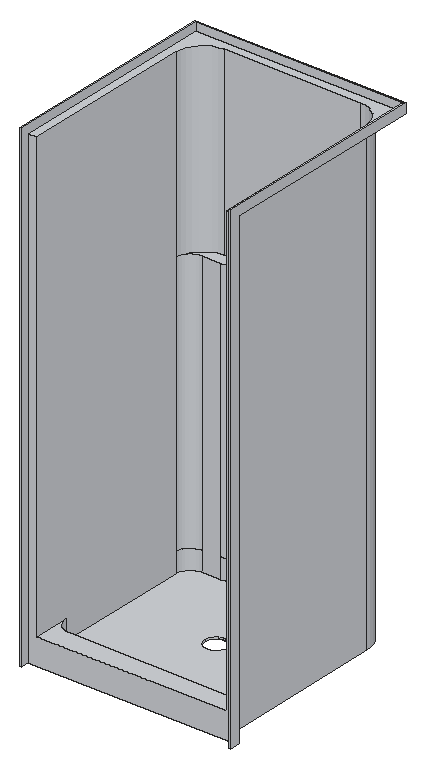
Revit family "OASIS SH-3232 STD", category Plumbing Fixtures, Revit 2017
Family settings
  Round Connector Dimension = Use Diameter
  Part Type = Normal
  OmniClass Number = 23.45.05.14.21.11
  OmniClass Title = Bath/Shower Units
  Work Plane-Based = No
  Always vertical = Yes
  Cut with Voids When Loaded = No
  Shared = No
  Room Calculation Point = No
Parameters (values of type "Base Model, 3SF, 3SM, FH, FHV packages")
  Width [instance] = 32"
  Stainless steel = none
  Model = "SH-3232 STD"
  URL = "www.oasisbath.com"
  Type Comments = "Shower"  # constant formula
  Shower Rod = no
  Seat Finish = none
  Sanitary Radius = 1 11/16"
  Sanitary Connector = "Sanitary Connection"  # constant formula
  Product Documentation Link [instance] = "www.oasisbath.com"
  Manufacturer = "OASIS"  # constant formula
  Hot Water Connector = "Hot Water Connection"  # constant formula
  Height [instance] = 72"
  Grab Bar Finish = none
  BIM Model By = "www.epoch-design.com"
  Description = ""
  Depth [instance] = 32"
  Color = none
  Cold Water Connector = "Cold Water Connection"  # constant formula
Reference planes (in)
  plane 1 "Back_Exterior": y = 0
  plane 2 "Floor": z = 0
  plane 3 "Center (Left/Right)": x = 0
Forms (in)
  Extrusion 1, solid, material <- "Color", detail levels medium+fine
    sketch origin (0, 0, 0) x (1, 0, 0) y (0, 1, 0)
      loop
        line (-16, 0) -> (-16, -33.25) -> (16, -33.25) -> (16, 0) -> (-16, 0)
    from 0 to 73.25
  Extrusion 2, void
    sketch origin (0, 0, 0) x (1, 0, 0) y (0, 1, 0)
      loop
        arc (10.375, -1.375) -> (13.3802, -2.6198) -> (14.625, -5.625) r 4.25
        line (14.625, -5.625) -> (14.625, -31.75) -> (16, -31.75) -> (16, 0) -> (-16, 0) -> (-16, -31.75) -> (-14.625, -31.75) -> (-14.625, -5.625)
        arc (-14.625, -5.625) -> (-13.3802, -2.6198) -> (-10.375, -1.375) r 4.25
        line (-10.375, -1.375) -> (10.375, -1.375)
    from 0 to 71.75128
  Extrusion 3, void
    sketch origin (0, 0, 0) x (1, 0, 0) y (0, 1, 0)
      loop
        line (10.375, -1.625) -> (-10.375, -1.625)
        arc (-10.375, -1.625) -> (-13.20343, -2.79657) -> (-14.375, -5.625) r 4
        line (-14.375, -5.625) -> (-14.375, -32) -> (14.375, -32) -> (14.375, -5.625)
        arc (14.375, -5.625) -> (13.20343, -2.79657) -> (10.375, -1.625) r 4
    from 44 to 73.25
  Extrusion 4, void
    sketch origin (0, 0, 0) x (1, 0, 0) y (0, 1, 0)
      loop
        arc (-14.375, -5.625) -> (-13.20343, -2.79657) -> (-10.375, -1.625) r 4
        line (-10.375, -1.625) -> (10.375, -1.625)
        arc (10.375, -1.625) -> (13.20343, -2.79657) -> (14.375, -5.625) r 4
        line (14.375, -5.625) -> (14.375, -33.25) -> (15.75, -33.25) -> (15.75, -0.25) -> (-15.75, -0.25) -> (-15.75, -33.25) -> (-14.375, -33.25) -> (-14.375, -5.625)
    from 72 to 73.25
  Extrusion 5, void
    sketch origin (0, 0, 0) x (1, 0, 0) y (0, 1, 0)
      loop
        line (15.75, -33.25) -> (15.75, -32) -> (-15.75, -32) -> (-15.75, -33.25) -> (15.75, -33.25)
    from 0 to 73.25
  Extrusion 6, void
    sketch origin (0, 0, 0) x (1, 0, 0) y (0, 1, 0)
      loop
        line (-14.375, -5.625) -> (-14.375, -33.25) -> (14.375, -33.25) -> (14.375, -5.625)
        arc (14.375, -5.625) -> (13.7343, -4.0782) -> (12.1875, -3.4375) r 2.1875
        line (12.1875, -3.4375) -> (9.33525, -3.4375)
        arc (9.33525, -3.4375) -> (7.43131, -2.95531) -> (5.98639, -1.625) r 4
        line (5.98639, -1.625) -> (-6.02614, -1.625)
        arc (-6.02614, -1.625) -> (-7.47106, -2.95531) -> (-9.375, -3.4375) r 4
        line (-9.375, -3.4375) -> (-12.1875, -3.4375)
        arc (-12.1875, -3.4375) -> (-13.7343, -4.0782) -> (-14.375, -5.625) r 2.1875
    from 4 to 44
  Extrusion 7, void
    sketch origin (0, 0, 0) x (1, 0, 0) y (0, 1, 0)
      loop
        line (-16, 0) -> (-16, -31.75) -> (16, -31.75) -> (16, 0) -> (-16, 0)
    from 0 to 0.75
  Extrusion 8, void
    sketch origin (0, 0, 0) x (1, 0, 0) y (0, 1, 0)
      loop
        line (-14.375, -5.625) -> (-14.375, -26.5)
        arc (-14.375, -26.5) -> (-13.78921, -27.91421) -> (-12.375, -28.5) r 2
        line (-12.375, -28.5) -> (12.375, -28.5)
        arc (12.375, -28.5) -> (13.78921, -27.91421) -> (14.375, -26.5) r 2
        line (14.375, -26.5) -> (14.375, -5.625)
        arc (14.375, -5.625) -> (13.7343, -4.0782) -> (12.1875, -3.4375) r 2.1875
        line (12.1875, -3.4375) -> (9.33525, -3.4375)
        arc (9.33525, -3.4375) -> (7.43131, -2.95531) -> (5.98639, -1.625) r 4
        line (5.98639, -1.625) -> (-6.02614, -1.625)
        arc (-6.02614, -1.625) -> (-7.47106, -2.95531) -> (-9.375, -3.4375) r 4
        line (-9.375, -3.4375) -> (-12.1875, -3.4375)
        arc (-12.1875, -3.4375) -> (-13.7343, -4.0782) -> (-14.375, -5.625) r 2.1875
    from 1 to 4
  Extrusion 9, void
    sketch origin (0, 0, 0) x (1, 0, 0) y (0, 1, 0)
      loop
        circle (0, -16) r 1.6875
    from 0 to 1
  Blend 10, void
    base sketch origin (0, 0, 0) x (1, 0, 0) y (0, 1, 0)
      loop
        arc (12.375, -28.5) -> (13.78921, -27.91421) -> (14.375, -26.5) r 2
        line (14.375, -26.5) -> (-14.375, -26.5)
        arc (-14.375, -26.5) -> (-13.78921, -27.91421) -> (-12.375, -28.5) r 2
        line (-12.375, -28.5) -> (12.375, -28.5)
    top sketch origin (0, 0, 0) x (1, 0, 0) y (0, 1, 0)
      loop
        arc (-14.375, -26.5) -> (-13.64277, -28.26777) -> (-11.875, -29) r 2.5
        line (-11.875, -29) -> (11.875, -29)
        arc (11.875, -29) -> (13.64277, -28.26777) -> (14.375, -26.5) r 2.5
        line (14.375, -26.5) -> (-14.375, -26.5)
    from 1 to 4
  Extrusion 11, solid, detail levels coarse
    sketch origin (0, 0, 0) x (1, 0, 0) y (0, 1, 0)
      loop
        line (-16, 0) -> (-16, -33.25) -> (16, -33.25) -> (16, 0) -> (-16, 0)
    from 0 to 73.25
Cuts and joins
  Extrusion 2, Extrusion 3, Extrusion 4, Extrusion 5, Extrusion 6, Extrusion 7, Extrusion 8, Extrusion 9, Blend 10 cuts Extrusion 1
Lines and regions (in)
  symbolic lines, style "PlumbingFixturesHiddenLines", detail levels coarse
    curve 1: line (-16, 0, 0) -> (16, -33.25, 0)
    curve 2: line (16, 0, 0) -> (-16, -33.25, 0)
    curve 3: line (-16, -16, 73.25) -> (16, -16, 0)
    curve 4: line (16, -16, 73.25) -> (-16, -16, 0)
    curve 5: line (0, -33.25, 73.25) -> (0, 0, 0)
    curve 6: line (0, 0, 73.25) -> (0, -33.25, 0)
  symbolic lines, detail levels medium+fine
    curve 7: line (0, -33.25, 0) -> (0, -33.25, 73.25)
    curve 8: line (0, 0, 72) -> (0, 0, 73.25)
    curve 9: line (0, -33.25, 73.25) -> (0, 0, 73.25)
    curve 10: line (0, -33.25, 0) -> (0, -32, 0)
    curve 11: line (0, -32, 72) -> (0, 0, 72)
    curve 12: line (0, -32, 4) -> (0, -29, 4)
    curve 13: line (0, -27.4375, 1) -> (0, -5, 1)
    curve 14: arc (0, -29, 2.5625) -> (0, -28.54235, 1.45765) -> (0, -27.4375, 1) r 1.5625
    curve 15: arc (0, -3.1875, 44) -> (0, -3.36428, 43.92678) -> (0, -3.4375, 43.75) r 0.25
    curve 16: line (0, -3.4375, 2.5625) -> (0, -3.4375, 43.75)
    curve 17: line (0, -3.1875, 44) -> (0, -1.625, 44)
    curve 18: line (0, -3.6875, 39) -> (0, -3.4375, 39)
    curve 19: line (0, -1.625, 44) -> (0, -1.625, 72)
    curve 20: line (0, -32, 0) -> (0, -32, 72)
    curve 21: line (0, -29, 2.5625) -> (0, -29, 4)
    curve 22: arc (0, -3.4375, 2.5625) -> (0, -3.89515, 1.45765) -> (0, -5, 1) r 1.5625
Dimensions and locks (in)
  locked: Extrusion 4 sketch curve to plane 1 "Back_Exterior" at 0.25
  aligned and locked: level to plane 2 "Floor"
Nested families (in)
  nested 1: "Label Annotation 1-16" at (0, -17.5, 0), type "Label Annotation 1-16", detail levels coarse
  nested 2: "Curtain Rod-A" at (-14.375, -30, 69) x (0, 1, 0) z (1, 0, 0), visible <- "Shower Rod", type "Curtain Rod-A", detail levels fine
    with Length 28 3/4"
Definition of nested family "Curtain Rod-A"
  Parameters (values of type "Curtain Rod-A")
    Length [instance] = 48"
    Default Elevation = 0"
    Curtain Rod Color = none
  Reference planes (in)
    plane 1 "Center (Front/Back)": y = 0
    plane 2: z = 0
    plane 3 "Center (Left/Right)": x = 0
  Forms (in)
    Extrusion 1, solid
      sketch origin (0, 0, 0) x (1, 0, 0) y (0, 1, 0)
        loop
          line (-48, 48) -> (-48, -48) -> (48, -48) -> (48, 48) -> (-48, 48)
      from 0 to -12
    Extrusion 2, solid
      sketch origin (0, 0, 0) x (1, 0, 0) y (0, 1, 0)
        loop
          circle (0, 0) r 0.5
      from 0 to 48 <- "Length"
  Lines and regions (in)
    symbolic lines
      curve 1: line (-0.5, 0, 48) -> (-0.5, 0, 0)
      curve 2: line (0.5, 0, 48) -> (0.5, 0, 0)
      curve 3: line (0.5, 0, 0) -> (-0.5, 0, 0)
      curve 4: line (0.5, 0, 48) -> (-0.5, 0, 48)
      curve 5: line (0, 0.5, 48) -> (0, -0.5, 48)
      curve 6: line (0, 0.5, 0) -> (0, -0.5, 0)
      curve 7: line (0, 0.5, 0) -> (0, 0.5, 48)
      curve 8: line (0, -0.5, 0) -> (0, -0.5, 48)
      curve 9: circle (0, 0, 0) r 0.5 normal (0, 0, 1)
  Dimensions and locks (in)
    aligned and locked: plane 2 to Extrusion 1
    aligned and locked: level to Extrusion 1
    aligned and locked: Extrusion 1 to curve 3
    aligned and locked: curve 4 to Extrusion 2
    aligned and locked: curve 5 to Extrusion 2
    aligned and locked: Extrusion 1 to curve 6
Definition of nested family "Label Annotation 1-16"
  Parameters
    Label = ""
  Reference planes (in)
    plane 1: y = 0
    plane 2: x = 0
  Text (in)
    label "Label" at (0.00375, -0.00345, 0), shows "Label"
